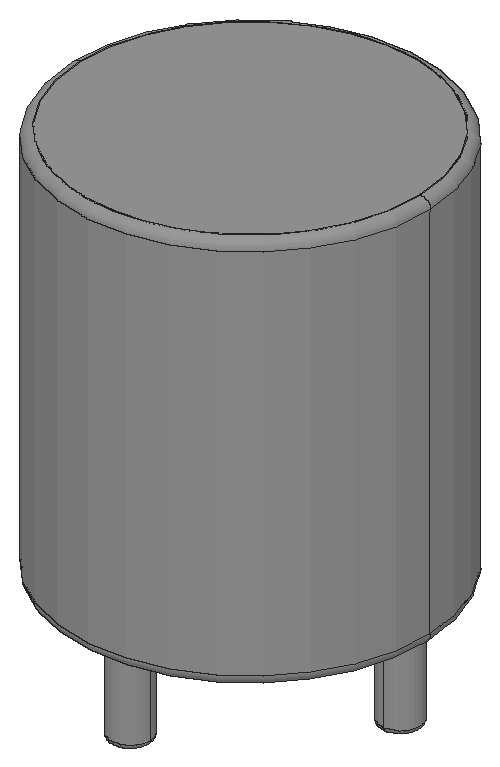
Revit family "980H Round Stool", category Generic Models, Revit 2018
Family settings
  Can host rebar = No
  Round Connector Dimension = Use Diameter
  Part Type = Normal
  Work Plane-Based = No
  Always vertical = Yes
  Cut with Voids When Loaded = No
  Shared = No
  Room Calculation Point = No
Parameters
  Fabric = 980H Fabric
Reference planes (in)
  plane 1 "Center (Front/Back)": y = 0
  plane 2: z = 0
  plane 3 "Center (Left/Right)": x = 0
Forms (in)
  Extrusion 1, solid, material "980H Fabric" <- "Fabric"
    sketch origin (0, 0, 0) x (1, 0, 0) y (0, 1, 0)
      loop
        circle (0, 0) r 8.5
    from 4 to 24
  Sweep 2, solid, material "980H Fabric" <- "Fabric"
    path origin (0, 0, 0) x (1, 0, 0) y (0, 1, 0)
      loop
        circle (0, 0) r 8.5
    profile origin (0, 8.5, 0) x (0, -1, 0) y (0, 0, 1)
      loop
        line (0, 4.00086) -> (0, 24)
        arc (0, 24) -> (-0.35325, 23.85368) -> (-0.49957, 23.50043) r 0.49957
        line (-0.49957, 23.50043) -> (-0.49957, 4.50043)
        arc (-0.49957, 4.50043) -> (-0.35325, 4.14718) -> (0, 4.00086) r 0.49957
  Revolve 3, solid, material "980L Legs"
    sketch origin (0, 7.5, 0) x (1, 0, 0) y (0, 0, 1)
      loop
        line (0, 4) -> (0, 0) -> (0.8, 0)
        arc (0.8, 0) -> (0.94142, 0.05858) -> (1, 0.2) r 0.2
        line (1, 0.2) -> (1, 4) -> (0, 4)
      axis (0, 0) -> (0, 4)
    angle from 0 to 360
  Revolve 4, solid, material "980L Legs"
    sketch origin (0, -7.5, 0) x (1, 0, 0) y (0, 0, -1)
      loop
        line (0, -4) -> (1, -4) -> (1, -0.2)
        arc (1, -0.2) -> (0.94142, -0.05858) -> (0.8, 0) r 0.2
        line (0.8, 0) -> (0, 0) -> (0, -4)
      axis (0, 0) -> (0, -4)
    angle from 0 to 360
  Revolve 5, solid, material "980L Legs"
    sketch origin (-7.5, 0, 0) x (0, 1, 0) y (0, 0, 1)
      loop
        line (0, 4) -> (0, 0) -> (0.8, 0)
        arc (0.8, 0) -> (0.94142, 0.05858) -> (1, 0.2) r 0.2
        line (1, 0.2) -> (1, 4) -> (0, 4)
      axis (0, 0) -> (0, 4)
    angle from 0 to 360
  Revolve 6, solid, material "980L Legs"
    sketch origin (7.5, 0, 0) x (0, 1, 0) y (0, 0, -1)
      loop
        line (0, -4) -> (1, -4) -> (1, -0.2)
        arc (1, -0.2) -> (0.94142, -0.05858) -> (0.8, 0) r 0.2
        line (0.8, 0) -> (0, 0) -> (0, -4)
      axis (0, 0) -> (0, -4)
    angle from 0 to 360
Dimensions and locks (in)
  aligned and locked: plane 2 to level
